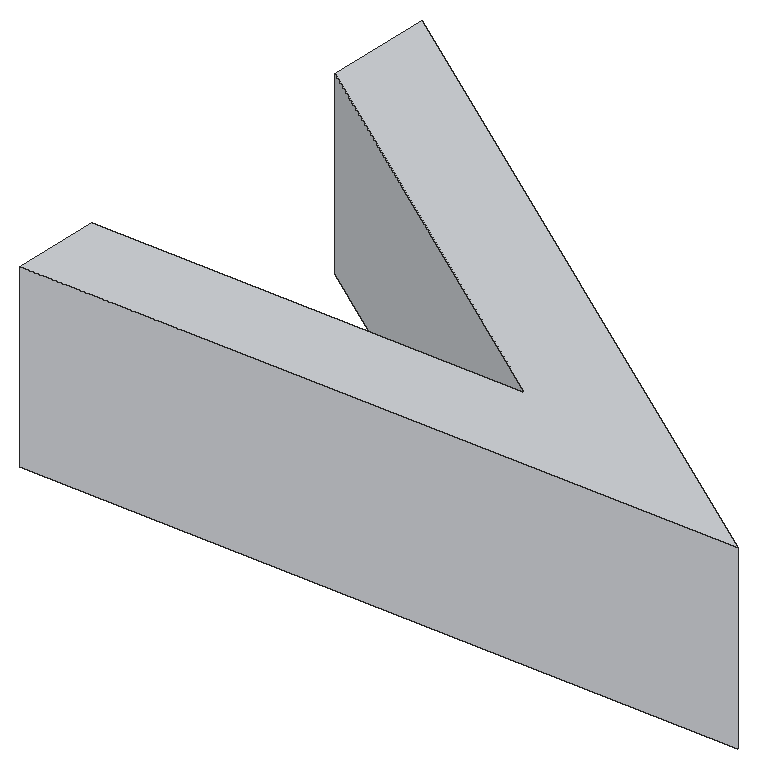
Revit family "SD2", category Generic Models, host Face, Revit 2019
Family settings
  Host = Face
  Can host rebar = No
  Round Connector Dimension = Use Diameter
  Part Type = Normal
  Cut with Voids When Loaded = No
  Shared = No
  Room Calculation Point = No
Parameters
  Default Elevation = 4' - 0"
Reference planes (in)
  plane 1 "Center (Front/Back)": y = 0
  plane 2: z = 0
  plane 3 "Center (Left/Right)": x = 0
Forms (in)
  Extrusion 1, solid
    sketch origin (-1, -0.61362, 0) x (1, 0, 0) y (0, 1, 0)
      loop
        line (0, 0) -> (2, 0) -> (0, 1.40042) -> (0, 1.09522) -> (1.2071, 0.25) -> (0, 0.25) -> (0, 0)
    from 0 to 0.5
Dimensions and locks (in)
  aligned and locked: plane 2 to host face
  aligned and locked: level to host face
